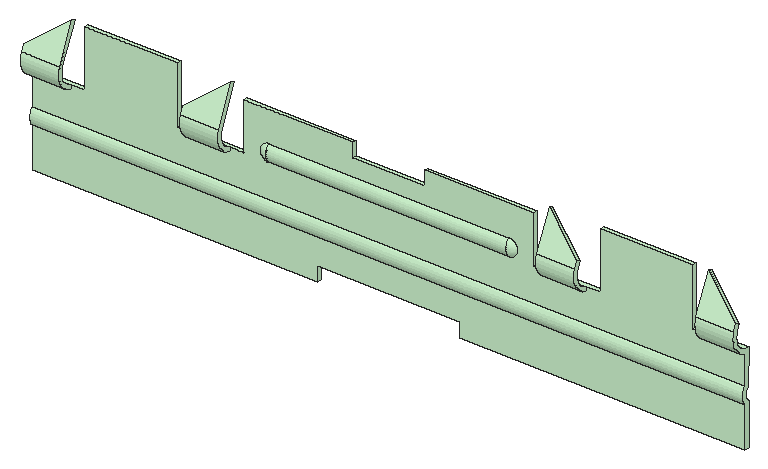
Revit family "tbarjoint_straight2_aluminum", category 機械設備, Revit 2022
Family settings
  丸型コネクタ寸法 = 直径を使用
  種別 = なし
  パーツ タイプ = 標準
  作業面ベース = いいえ
  常に垂直 = はい
  ロード時にボイドで切り取り = いいえ
  注釈の向きを維持 = いいえ
  共有 = いいえ
  部屋計算ポイント = いいえ
Parameters
  製造元 = "株式会社桐井製作所"
  既定の高さ = 0 mm
  URL = "https://www.kirii.co.jp/"
  K_品名 = "TバーストレートジョイントⅡ(アルミ用)"
  K_名称 = "アルミTバージョイント"
  K_入数 = "500"
  K_備考 = "eAT4025、eAT4050兼用"
  K_バージョン情報 = "20220915"
Reference planes
  plane 1 "中心(正面/背面)": y = 0
  plane 2: z = 0
  plane 3 "中心(左/右)": x = 0
Forms (mm)
  Extrusion 1, solid
    sketch origin (0, -60.459, -6.05) x (0, 1, 0) y (0, 0, 1)
      loop
        line (61.259, 6.05) -> (61.259, 14.889)
        arc (61.259, 14.889) -> (60.589, 16.3) -> (61.259, 17.711) r 1.819
        line (61.259, 17.711) -> (61.259, 37.05) -> (60.459, 37.05) -> (60.459, 18.05)
        arc (60.459, 18.05) -> (59.789, 16.3) -> (60.459, 14.55) r 2.619
        line (60.459, 14.55) -> (60.459, 6.05) -> (61.259, 6.05)
    from -75 to 75
  Extrusion 2, void
    sketch origin (0, 0, 0) x (1, 0, 0) y (0, 0, 1)
      loop
        line (-75, 31) -> (-75, 19) -> (-64, 19) -> (-64, 31) -> (-75, 31)
    from -0.8 to 0
  Extrusion 3, void
    sketch origin (0, 0, 0) x (1, 0, 0) y (0, 0, 1)
      loop
        line (44.5, 31) -> (-44.5, 31) -> (-44.5, 19) -> (-30.5, 19) -> (-30.5, 29) -> (-7.5, 29) -> (-7.5, 26) -> (7.5, 26) -> (7.5, 29) -> (30.5, 29) -> (30.5, 19) -> (44.5, 19) -> (44.5, 31)
    from -0.8 to 0
  Extrusion 4, void
    sketch origin (0, 0, 0) x (1, 0, 0) y (0, 0, 1)
      loop
        line (75, 31) -> (64, 31) -> (64, 19) -> (75, 19) -> (75, 31)
    from -0.8 to 0
  Extrusion 5, solid
    sketch origin (0, 0, -0.821) x (0, 1, 0) y (0, 0, 1)
      loop
        line (1.101, 31.507) -> (0.37, 31.831) -> (-2.915, 24.402)
        arc (-2.915, 24.402) -> (-2.72, 21.019) -> (0, 19) r 4
        line (0, 19) -> (0, 19.821)
        arc (0, 19.821) -> (-2.047, 21.458) -> (-2.199, 24.083) r 3.2
        line (-2.199, 24.083) -> (1.101, 31.507)
    from -75 to -67
  Extrusion 6, void
    sketch origin (0, -12.222, 2.684) x (1, 0, 0) y (0, 0.406186, 0.913791)
      loop
        line (-75, 24.287) -> (-67, 31) -> (-75, 31) -> (-75, 24.287)
    from -0.8 to 0
  Extrusion 7, void
    sketch origin (33.5, -12.222, 2.684) x (1, 0, 0) y (0, 0.406186, 0.913791)
      loop
        line (-75, 24.287) -> (-67, 31) -> (-75, 31) -> (-75, 24.287)
    from -0.8 to 0
  Extrusion 8, solid
    sketch origin (0, 0, -0.821) x (0, 1, 0) y (0, 0, -1)
      loop
        line (1.101, -31.507) -> (-2.199, -24.083)
        arc (-2.199, -24.083) -> (-2.047, -21.458) -> (0, -19.821) r 3.2
        line (0, -19.821) -> (0, -19)
        arc (0, -19) -> (-2.72, -21.019) -> (-2.915, -24.402) r 4
        line (-2.915, -24.402) -> (0.37, -31.831) -> (1.101, -31.507)
    from -75 to -67
  Extrusion 9, void
    sketch origin (0, -12.222, 2.684) x (-1, 0, 0) y (0, -0.406186, -0.913791)
      loop
        line (-75, -24.287) -> (-75, -31) -> (-67, -31) -> (-75, -24.287)
    from -0.8 to 0
  Extrusion 10, void
    sketch origin (-33.5, -12.222, 2.684) x (-1, 0, 0) y (0, -0.406186, -0.913791)
      loop
        line (-75, -24.287) -> (-75, -31) -> (-67, -31) -> (-75, -24.287)
    from -0.8 to 0
  Extrusion 11, void
    sketch origin (0, 0, 0) x (1, 0, 0) y (0, 0, 1)
      loop
        line (-15, 3) -> (-15, 0) -> (15, 0) -> (15, 3) -> (-15, 3)
    from -0.8 to 0
  Extrusion 12, solid
    sketch origin (-33.5, 0, -0.821) x (0, 1, 0) y (0, 0, -1)
      loop
        line (1.101, -31.507) -> (-2.199, -24.083)
        arc (-2.199, -24.083) -> (-2.047, -21.458) -> (0, -19.821) r 3.2
        line (0, -19.821) -> (0, -19)
        arc (0, -19) -> (-2.72, -21.019) -> (-2.915, -24.402) r 4
        line (-2.915, -24.402) -> (0.37, -31.831) -> (1.101, -31.507)
    from -75 to -67
  Extrusion 13, solid
    sketch origin (33.5, 0, -0.821) x (0, 1, 0) y (0, 0, 1)
      loop
        line (1.101, 31.507) -> (0.37, 31.831) -> (-2.915, 24.402)
        arc (-2.915, 24.402) -> (-2.72, 21.019) -> (0, 19) r 4
        line (0, 19) -> (0, 19.821)
        arc (0, 19.821) -> (-2.047, 21.458) -> (-2.199, 24.083) r 3.2
        line (-2.199, 24.083) -> (1.101, 31.507)
    from -75 to -67
  Extrusion 14, void
    sketch origin (33.5, -12.222, 2.684) x (1, 0, 0) y (0, 0.406186, 0.913791)
      loop
        line (-75, 24.287) -> (-67, 31) -> (-75, 31) -> (-75, 24.287)
    from -0.8 to 0
  Extrusion 15, void
    sketch origin (0, 0.8, 0) x (0, 1, 0) y (0, 0, 1)
      loop
        arc (0, 22.5) -> (-0.8, 20.75) -> (0, 19) r 2.314
        line (0, 19) -> (0, 22.5)
    from -25.25 to 25.25
  Revolve 16, void
    sketch origin (-25.25, 0.8, 0) x (0, 1, 0) y (0, 0, 1)
      loop
        line (0, 20.75) -> (-0.8, 20.75)
        arc (-0.8, 20.75) -> (-0.591, 19.788) -> (0, 19) r 2.314
        line (0, 19) -> (0, 20.75)
      axis (0, 20.75) -> (-1, 20.75)
    angle from 0 to 360
  Revolve 17, void
    sketch origin (25.25, 0.8, 0) x (0, 1, 0) y (0, 0, 1)
      loop
        line (0, 20.75) -> (-0.8, 20.75)
        arc (-0.8, 20.75) -> (-0.591, 19.788) -> (0, 19) r 2.314
        line (0, 19) -> (0, 20.75)
      axis (0, 20.75) -> (-1, 20.75)
    angle from 0 to 360
  Revolve 18, solid
    sketch origin (25.25, 0, 0) x (0, 1, 0) y (0, 0, 1)
      loop
        line (0, 20.75) -> (-0.8, 20.75)
        arc (-0.8, 20.75) -> (-0.591, 19.788) -> (0, 19) r 2.314
        line (0, 19) -> (0, 20.75)
      axis (0, 20.75) -> (-1, 20.75)
    angle from 0 to 360
  Extrusion 19, solid
    sketch origin (0, 0, 0) x (0, 1, 0) y (0, 0, 1)
      loop
        arc (0, 22.5) -> (-0.8, 20.75) -> (0, 19) r 2.314
        line (0, 19) -> (0, 22.5)
    from -25.25 to 25.25
  Revolve 20, solid
    sketch origin (-25.25, 0, 0) x (0, 1, 0) y (0, 0, 1)
      loop
        line (0, 20.75) -> (-0.8, 20.75)
        arc (-0.8, 20.75) -> (-0.591, 19.788) -> (0, 19) r 2.314
        line (0, 19) -> (0, 20.75)
      axis (0, 20.75) -> (-1, 20.75)
    angle from 0 to 360
Cuts and joins
  Extrusion 2, Extrusion 3, Extrusion 4, Extrusion 7, Extrusion 9, Extrusion 11, Extrusion 14, Extrusion 15, Revolve 16, Revolve 17 cuts Extrusion 1
  Extrusion 3, Extrusion 6, Extrusion 7, Extrusion 9, Extrusion 11, Extrusion 14, Extrusion 15 cuts Extrusion 5
  Extrusion 3, Extrusion 9, Extrusion 11, Extrusion 14, Extrusion 15 cuts Extrusion 8
  Extrusion 10, Extrusion 15 cuts Extrusion 12
  Extrusion 14, Extrusion 15 cuts Extrusion 13
  Extrusion 3 cuts Extrusion 19
  joined: Extrusion 1, Extrusion 5, Extrusion 8, Extrusion 12, Extrusion 13, Revolve 18, Extrusion 19, Revolve 20
Dimensions and locks
  aligned and locked: level to plane 2
